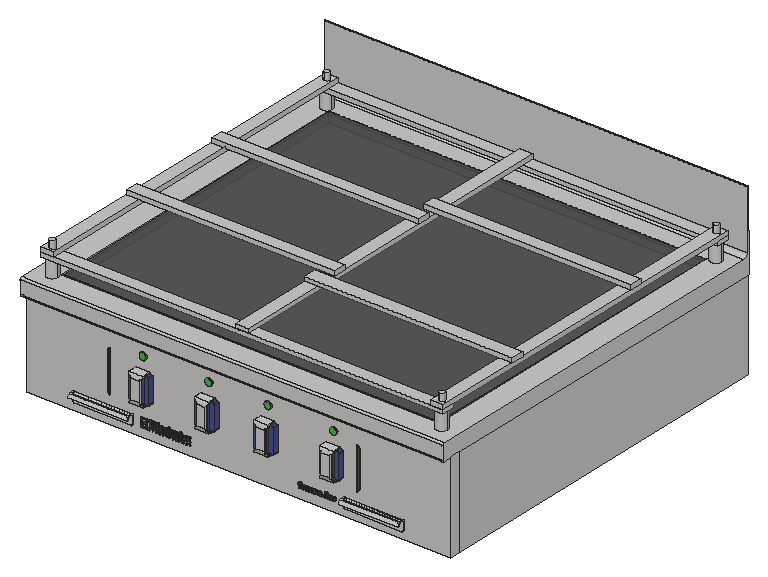
Revit family "QF_ELECTROLUXPROFESSIONAL_589927_HCIDBBJODM", category Specialty Equipment, Revit 2023 (continued)
Definition of nested family "ELX_Professional_Logo_Small"
  Forms (mm)
    Extrusion 2, solid, material <- "Material_Logo"
      sketch origin (15.5, 0, 0) x (1, 0, 0) y (0, 1, 0)
        loop
          arc (-7.944, -6.189) -> (-8.202, -6.5) -> (-8.317, -6.888) r 1.013
          arc (-8.317, -6.888) -> (-8.306, -7.341) -> (-8.192, -7.78) r 1.985
          arc (-8.192, -7.78) -> (-7.749, -8.259) -> (-7.171, -8.563) r 1.928
          arc (-7.171, -8.563) -> (-6.637, -8.779) -> (-6.131, -9.056) r 5.041
          arc (-6.131, -9.056) -> (-5.934, -9.387) -> (-6.09, -9.74) r 0.42
          arc (-6.09, -9.74) -> (-6.631, -9.96) -> (-7.204, -9.845) r 1.016
          arc (-7.204, -9.845) -> (-7.625, -9.603) -> (-7.889, -9.196) r 1.033
          line (-7.889, -9.196) -> (-8.67, -9.686)
          arc (-8.67, -9.686) -> (-8.361, -10.198) -> (-7.908, -10.589) r 1.914
          arc (-7.908, -10.589) -> (-7.334, -10.834) -> (-6.714, -10.896) r 2.063
          arc (-6.714, -10.896) -> (-5.947, -10.743) -> (-5.256, -10.376) r 2.696
          arc (-5.256, -10.376) -> (-4.95, -9.565) -> (-5.108, -8.712) r 1.618
          arc (-5.108, -8.712) -> (-5.448, -8.319) -> (-5.884, -8.035) r 1.876
          arc (-5.884, -8.035) -> (-6.434, -7.789) -> (-6.999, -7.577) r 9.883
          arc (-6.999, -7.577) -> (-7.325, -7.07) -> (-6.854, -6.694) r 0.45
          arc (-6.854, -6.694) -> (-6.329, -6.809) -> (-5.909, -7.143) r 1.197
        loop
          line (1.61, -7.143) -> (2.345, -6.638)
          arc (2.345, -6.638) -> (1.663, -5.974) -> (0.737, -5.755) r 1.782
          arc (0.737, -5.755) -> (0.121, -5.878) -> (-0.425, -6.189) r 1.974
          arc (-0.425, -6.189) -> (-0.683, -6.5) -> (-0.799, -6.888) r 1.013
          arc (-0.799, -6.888) -> (-0.788, -7.341) -> (-0.674, -7.78) r 1.985
          arc (-0.674, -7.78) -> (-0.231, -8.259) -> (0.347, -8.563) r 1.928
          arc (0.347, -8.563) -> (0.881, -8.779) -> (1.387, -9.056) r 5.041
          arc (1.387, -9.056) -> (1.584, -9.387) -> (1.428, -9.74) r 0.42
          arc (1.428, -9.74) -> (0.887, -9.96) -> (0.314, -9.845) r 1.016
          arc (0.314, -9.845) -> (-0.107, -9.603) -> (-0.371, -9.196) r 1.033
          line (-0.371, -9.196) -> (-1.152, -9.686)
          arc (-1.152, -9.686) -> (-0.842, -10.198) -> (-0.39, -10.589) r 1.914
          arc (-0.39, -10.589) -> (0.184, -10.834) -> (0.804, -10.896) r 2.063
          arc (0.804, -10.896) -> (1.572, -10.743) -> (2.263, -10.376) r 2.696
          arc (2.263, -10.376) -> (2.568, -9.565) -> (2.411, -8.712) r 1.618
          arc (2.411, -8.712) -> (2.07, -8.319) -> (1.635, -8.035) r 1.876
          arc (1.635, -8.035) -> (1.084, -7.789) -> (0.519, -7.577) r 9.883
          arc (0.519, -7.577) -> (0.193, -7.07) -> (0.665, -6.694) r 0.45
          arc (0.665, -6.694) -> (1.189, -6.809) -> (1.61, -7.143) r 1.197
        loop
          line (6.801, -5.837) -> (6.801, -10.814) -> (7.825, -10.814) -> (7.825, -5.837) -> (6.801, -5.837)
        loop
          circle (14.724, -8.325) r 1.548
        loop
          circle (14.724, -8.325) r 2.585
        loop
          line (21.59, -10.814) -> (22.623, -10.814) -> (22.623, -7.685) -> (24.9, -10.814) -> (25.895, -10.814) -> (25.895, -5.837) -> (24.861, -5.837) -> (24.861, -9.061) -> (22.585, -5.837) -> (21.59, -5.837) -> (21.59, -10.814)
        loop
          line (31.054, -10.814) -> (31.539, -9.74) -> (33.38, -9.74) -> (33.865, -10.814) -> (34.965, -10.814) -> (32.46, -5.837) -> (29.956, -10.814) -> (31.054, -10.814)
        loop
          line (32.46, -7.698) -> (31.999, -8.719) -> (32.921, -8.719) -> (32.46, -7.698)
        loop
          line (40.047, -9.873) -> (40.047, -5.837) -> (39.024, -5.837) -> (39.024, -10.814) -> (41.961, -10.814) -> (41.961, -9.873) -> (40.047, -9.873)
        loop
          line (-74.986, -10.814) -> (-53.322, -10.814) -> (-53.322, 10.82) -> (-74.986, 10.82) -> (-74.986, -10.814)
        loop
          line (-61.261, 9.758) -> (-61.261, -9.707)
          arc (-61.261, -9.707) -> (-54.066, 0.025) -> (-61.261, 9.758) r 10.18
        loop
          line (-62.251, 8.349) -> (-62.251, 9.758)
          arc (-62.251, 9.758) -> (-70.347, 7.918) -> (-74.247, 0.59) r 9.976
          line (-74.247, 0.59) -> (-71.026, 0.59)
          arc (-71.026, 0.59) -> (-65.274, 2.925) -> (-62.251, 8.349) r 9.351
        loop
          arc (-74.247, -0.539) -> (-70.353, -7.928) -> (-62.251, -9.957) r 10.237
          line (-62.251, -9.957) -> (-62.251, -8.298)
          arc (-62.251, -8.298) -> (-65.274, -2.874) -> (-71.026, -0.539) r 9.351
          line (-71.026, -0.539) -> (-74.247, -0.539)
      from 0 to 0.8
  Dimensions and locks
    aligned and locked: plane 2 to Extrusion 1
    aligned and locked: level to Extrusion 1
Definition of nested family "ELX_ThermaLine_Small"
  Parameters (values of type "ELX_ThermaLine_Small")
    Show Logo [instance] = yes
    Material_Logo [instance] = none
    Default Elevation = 0 mm
  Reference planes
    plane 1 "Centro (Fronte/Retro)": y = 0
    plane 2: z = 0
    plane 3 "Centro (Sinistra/Destra)": x = 0
  Forms (mm)
    Extrusion 1, solid
      sketch origin (0, 0, 0) x (1, 0, 0) y (0, 1, 0)
        loop
          line (-1219.2, 1219.2) -> (-1219.2, -1219.2) -> (1219.2, -1219.2) -> (1219.2, 1219.2) -> (-1219.2, 1219.2)
      from 0 to -304.8
    Extrusion 2, solid
      sketch origin (0, 0, 0) x (1, 0, 0) y (0, 1, 0)
        loop
          line (-37.494, 1.229) -> (-35.908, 1.229) -> (-35.908, 3.066) -> (-37.494, 3.066) -> (-37.494, 6.221) -> (-39.867, 4.881) -> (-39.867, 3.066) -> (-40.969, 3.066) -> (-40.969, 1.229) -> (-39.867, 1.229) -> (-39.867, -3.407)
          arc (-39.867, -3.407) -> (-38.982, -5.513) -> (-36.751, -6.001) r 2.478
          line (-36.751, -6.001) -> (-35.638, -5.7) -> (-35.9, -3.835) -> (-36.661, -4.039)
          arc (-36.661, -4.039) -> (-37.236, -3.924) -> (-37.494, -3.399) r 0.662
          line (-37.494, -3.399) -> (-37.494, 1.229)
        loop
          line (-34.242, 6.539) -> (-34.242, -5.848) -> (-31.854, -5.848) -> (-31.854, -0.078)
          arc (-31.854, -0.078) -> (-30.939, 1.249) -> (-29.33, 1.367) r 1.866
          arc (-29.33, 1.367) -> (-28.695, 0.768) -> (-28.461, -0.073) r 1.627
          line (-28.461, -0.073) -> (-28.461, -5.848) -> (-26.086, -5.848) -> (-26.064, -0.46)
          arc (-26.064, -0.46) -> (-26.261, 0.932) -> (-26.786, 2.237) r 5.825
          arc (-26.786, 2.237) -> (-29.381, 3.264) -> (-31.854, 1.971) r 3.353
          line (-31.854, 1.971) -> (-31.854, 6.539) -> (-34.242, 6.539)
        loop
          arc (-18.398, -0.598) -> (-18.893, 0.879) -> (-20.326, 1.487) r 1.897
          arc (-20.326, 1.487) -> (-21.461, 0.708) -> (-21.897, -0.598) r 2.164
          line (-21.897, -0.598) -> (-18.398, -0.598)
        loop
          arc (-16.021, -2.044) -> (-16.754, 1.227) -> (-19.444, 3.226) r 4.814
          arc (-19.444, 3.226) -> (-22.137, 2.788) -> (-23.943, 0.743) r 4.054
          arc (-23.943, 0.743) -> (-24.382, -1.249) -> (-24.162, -3.276) r 6.289
          arc (-24.162, -3.276) -> (-23.302, -4.71) -> (-21.958, -5.705) r 4.28
          arc (-21.958, -5.705) -> (-18.558, -5.814) -> (-16.152, -3.409) r 4.28
          line (-16.152, -3.409) -> (-18.5, -2.995)
          arc (-18.5, -2.995) -> (-19.273, -3.994) -> (-20.533, -4.076) r 1.536
          arc (-20.533, -4.076) -> (-21.56, -3.281) -> (-21.958, -2.044) r 2.197
          line (-21.958, -2.044) -> (-16.021, -2.044)
        loop
          line (-14.165, -5.848) -> (-11.819, -5.848) -> (-11.819, -2.138)
          arc (-11.819, -2.138) -> (-11.787, -1.156) -> (-11.637, -0.185) r 8.18
          arc (-11.637, -0.185) -> (-10.644, 0.972) -> (-9.132, 0.776) r 1.603
          line (-9.132, 0.776) -> (-8.419, 2.846)
          arc (-8.419, 2.846) -> (-10.432, 3.118) -> (-11.994, 1.821) r 2.527
          line (-11.994, 1.821) -> (-11.994, 3.094) -> (-14.165, 3.094) -> (-14.165, -5.848)
        loop
          line (-7.579, 3.094) -> (-7.579, -5.848) -> (-5.178, -5.848) -> (-5.178, -0.756)
          arc (-5.178, -0.756) -> (-4.727, 0.679) -> (-3.417, 1.419) r 2.05
          arc (-3.417, 1.419) -> (-2.499, 0.908) -> (-2.155, -0.085) r 1.471
          line (-2.155, -0.085) -> (-2.155, -5.848) -> (0.23, -5.848) -> (0.23, -1.001)
          arc (0.23, -1.001) -> (0.47, 0.127) -> (1.148, 1.061) r 2.775
          arc (1.148, 1.061) -> (2.225, 1.329) -> (3.05, 0.587) r 1.182
          arc (3.05, 0.587) -> (3.199, -0.019) -> (3.214, -0.642) r 2.894
          line (3.214, -0.642) -> (3.214, -5.848) -> (5.601, -5.848) -> (5.601, 0.261)
          arc (5.601, 0.261) -> (4.87, 2.263) -> (2.976, 3.241) r 2.932
          arc (2.976, 3.241) -> (1.284, 2.973) -> (-0.047, 1.896) r 3.309
          arc (-0.047, 1.896) -> (-1.116, 2.865) -> (-2.506, 3.258) r 3.16
          arc (-2.506, 3.258) -> (-4.105, 2.942) -> (-5.376, 1.92) r 3.419
          line (-5.376, 1.92) -> (-5.376, 3.094) -> (-7.579, 3.094)
        loop
          line (7.583, 0.738) -> (9.702, 0.364)
          arc (9.702, 0.364) -> (11.441, 1.492) -> (12.855, -0.023) r 1.613
          line (12.855, -0.023) -> (9.782, -0.789)
          arc (9.782, -0.789) -> (8.559, -1.346) -> (7.617, -2.305) r 3.687
          arc (7.617, -2.305) -> (7.499, -3.681) -> (7.901, -5.003) r 3.651
          arc (7.901, -5.003) -> (9.107, -5.766) -> (10.515, -6.006) r 3.635
          arc (10.515, -6.006) -> (11.898, -5.697) -> (13.067, -4.895) r 3.734
          line (13.067, -4.895) -> (13.376, -5.848) -> (15.75, -5.848) -> (15.212, -4.193) -> (15.212, 0.38)
          arc (15.212, 0.38) -> (14.897, 1.849) -> (13.818, 2.895) r 2.585
          arc (13.818, 2.895) -> (11.792, 3.442) -> (9.719, 3.11) r 5.005
          arc (9.719, 3.11) -> (8.369, 2.178) -> (7.583, 0.738) r 3.54
        loop
          line (19.723, -5.848) -> (22.233, -5.848) -> (24.854, 6.484) -> (22.345, 6.484) -> (19.723, -5.848)
        loop
          line (24.583, -5.848) -> (26.953, -5.848) -> (28.848, 3.066) -> (26.478, 3.066) -> (24.583, -5.848)
        loop
          line (27.204, 6.484) -> (26.741, 4.305) -> (29.111, 4.305) -> (29.575, 6.484) -> (27.204, 6.484)
        loop
          line (29.355, -5.848) -> (31.849, -5.848) -> (33.098, 0.028)
          arc (33.098, 0.028) -> (34.169, 1.306) -> (35.832, 1.422) r 2.132
          arc (35.832, 1.422) -> (36.324, 0.752) -> (36.383, -0.078) r 1.5
          line (36.383, -0.078) -> (35.157, -5.848) -> (37.536, -5.848) -> (38.936, 0.738)
          arc (38.936, 0.738) -> (38.775, 2.091) -> (37.825, 3.066) r 2.118
          arc (37.825, 3.066) -> (35.392, 3.175) -> (33.295, 1.937) r 4.271
          line (33.295, 1.937) -> (33.535, 3.066) -> (31.25, 3.066) -> (29.355, -5.848)
        loop
          line (42.792, -0.64) -> (46.589, -0.64)
          arc (46.589, -0.64) -> (46.639, 0.124) -> (46.327, 0.823) r 1.589
          arc (46.327, 0.823) -> (45.117, 1.521) -> (43.762, 1.183) r 1.865
          arc (43.762, 1.183) -> (43.141, 0.344) -> (42.792, -0.64) r 3.538
        loop
          line (42.565, -2.138) -> (48.593, -2.138)
          arc (48.593, -2.138) -> (48.58, 0.597) -> (46.983, 2.818) r 4.494
          arc (46.983, 2.818) -> (44.191, 3.28) -> (41.725, 1.891) r 4.26
          arc (41.725, 1.891) -> (40.503, -0.3) -> (40.284, -2.799) r 6.003
          arc (40.284, -2.799) -> (40.959, -4.468) -> (42.377, -5.576) r 3.482
          arc (42.377, -5.576) -> (44.265, -5.961) -> (46.152, -5.576) r 4.823
          arc (46.152, -5.576) -> (47.432, -4.731) -> (48.328, -3.485) r 4.245
          line (48.328, -3.485) -> (46.168, -3.105)
          arc (46.168, -3.105) -> (45.214, -4.072) -> (43.859, -4.181) r 1.953
          arc (43.859, -4.181) -> (42.821, -3.408) -> (42.565, -2.138) r 1.81
        loop
          line (12.868, -1.553) -> (10.216, -2.214)
          arc (10.216, -2.214) -> (9.747, -3.136) -> (10.216, -4.058) r 1.14
          arc (10.216, -4.058) -> (11.537, -4.249) -> (12.614, -3.46) r 1.763
          arc (12.614, -3.46) -> (12.858, -2.522) -> (12.868, -1.553) r 3.97
      from 0 to 0.8
  Dimensions and locks
    aligned and locked: plane 2 to Extrusion 1
    aligned and locked: level to Extrusion 1
